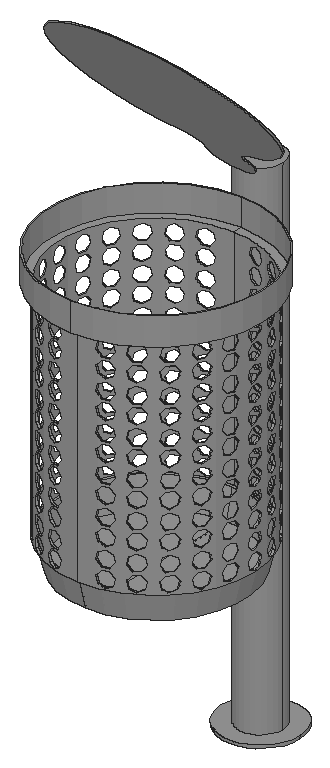
Revit family "Урна для раздельного сбора мусора «Флос» Арт 12769", category Антураж, Revit 2018 (continued)
Automatic sketch dimensions
  Extrusion 24 sketch curve to plane 6 = 473.101 mm
  level to Extrusion 24 sketch curve = 575.812 mm
  level to Extrusion 24 sketch curve = 503.783 mm
  Extrusion 24 sketch curve to Extrusion 24 sketch curve = 5 mm  (x2)
  Extrusion 25 sketch curve to plane 6 = 596.982 mm  (x2)
  level to Extrusion 25 sketch curve = 451.93 mm  (x2)
  Extrusion 25 sketch curve to Extrusion 25 sketch curve = 0 mm  (x28)
  Extrusion 25 sketch curve to plane 6 = 488.278 mm  (x2)
  Extrusion 25 sketch curve to plane 6 = 622.336 mm  (x2)
  level to Extrusion 25 sketch curve = 560.635 mm  (x2)
  Extrusion 25 sketch curve to plane 6 = 462.924 mm  (x2)
  level to Extrusion 25 sketch curve = 493.606 mm  (x2)
  Extrusion 25 sketch curve to plane 6 = 555.307 mm  (x2)
  level to Extrusion 25 sketch curve = 518.959 mm  (x2)
  level to Extrusion 25 sketch curve = 426.577 mm  (x2)
  Extrusion 25 sketch curve to plane 6 = 529.953 mm  (x2)
  level to Extrusion 25 sketch curve = 585.989 mm  (x2)
  level to Extrusion 25 sketch curve = 598.679 mm  (x2)
  Extrusion 25 sketch curve to Extrusion 25 sketch curve = 2.896 mm  (x15)
  Extrusion 25 sketch curve to plane 6 = 517.263 mm  (x2)
  level to Extrusion 25 sketch curve = 480.916 mm  (x2)
  Extrusion 25 sketch curve to plane 6 = 567.997 mm  (x2)
  level to Extrusion 25 sketch curve = 547.945 mm  (x2)
  Extrusion 25 sketch curve to plane 6 = 450.234 mm  (x2)
  level to Extrusion 25 sketch curve = 413.887 mm  (x2)
  level to Extrusion 25 sketch curve = 531.65 mm  (x2)
  level to Extrusion 25 sketch curve = 614.974 mm  (x2)
  level to Extrusion 25 sketch curve = 464.621 mm  (x2)
  Extrusion 25 sketch curve to plane 6 = 500.968 mm  (x2)
  Extrusion 25 sketch curve to plane 6 = 584.292 mm  (x2)
  Extrusion 25 sketch curve to Extrusion 25 sketch curve = 8.116 mm  (x15)
  level to Extrusion 25 sketch curve = 441.754 mm
  Extrusion 25 sketch curve to plane 6 = 540.13 mm
  level to Extrusion 25 sketch curve = 508.783 mm
  Extrusion 25 sketch curve to plane 6 = 612.159 mm
  level to Extrusion 25 sketch curve = 436.754 mm
  level to Extrusion 25 sketch curve = 408.239 mm
  Extrusion 25 sketch curve to Extrusion 25 sketch curve = 11.727 mm  (x19)
  Extrusion 25 sketch curve to plane 6 = 444.586 mm
  level to Extrusion 25 sketch curve = 609.326 mm
  Extrusion 25 sketch curve to plane 6 = 511.616 mm
  Extrusion 25 sketch curve to plane 6 = 573.645 mm
  level to Extrusion 25 sketch curve = 475.268 mm
  level to Extrusion 25 sketch curve = 537.297 mm
  level to Extrusion 25 sketch curve = 470.268 mm
  level to Extrusion 25 sketch curve = 604.326 mm
  level to Extrusion 25 sketch curve = 542.297 mm
  Extrusion 25 sketch curve to plane 6 = 506.616 mm
  Extrusion 25 sketch curve to plane 6 = 578.645 mm
  Extrusion 25 sketch curve to plane 6 = 545.13 mm
  Extrusion 25 sketch curve to Extrusion 25 sketch curve = 13.017 mm  (x6)
  level to Extrusion 25 sketch curve = 570.812 mm
  Extrusion 25 sketch curve to plane 6 = 473.101 mm
  level to Extrusion 25 sketch curve = 575.812 mm
  level to Extrusion 25 sketch curve = 503.783 mm
  Extrusion 25 sketch curve to Extrusion 25 sketch curve = 5 mm  (x2)
  Extrusion 26 sketch curve to plane 6 = 596.982 mm  (x2)
  level to Extrusion 26 sketch curve = 451.93 mm  (x2)
  Extrusion 26 sketch curve to Extrusion 26 sketch curve = 0 mm  (x28)
  Extrusion 26 sketch curve to plane 6 = 488.278 mm  (x2)
  Extrusion 26 sketch curve to plane 6 = 622.336 mm  (x2)
  level to Extrusion 26 sketch curve = 560.635 mm  (x2)
  Extrusion 26 sketch curve to plane 6 = 462.924 mm  (x2)
  level to Extrusion 26 sketch curve = 493.606 mm  (x2)
  Extrusion 26 sketch curve to plane 6 = 555.307 mm  (x2)
  level to Extrusion 26 sketch curve = 518.959 mm  (x2)
  level to Extrusion 26 sketch curve = 426.577 mm  (x2)
  Extrusion 26 sketch curve to plane 6 = 529.953 mm  (x2)
  level to Extrusion 26 sketch curve = 585.989 mm  (x2)
  level to Extrusion 26 sketch curve = 598.679 mm  (x2)
  Extrusion 26 sketch curve to Extrusion 26 sketch curve = 2.896 mm  (x14)
  Extrusion 26 sketch curve to plane 6 = 517.263 mm  (x2)
  level to Extrusion 26 sketch curve = 480.916 mm  (x2)
  Extrusion 26 sketch curve to plane 6 = 567.997 mm  (x2)
  level to Extrusion 26 sketch curve = 547.945 mm  (x2)
  Extrusion 26 sketch curve to plane 6 = 450.234 mm  (x2)
  level to Extrusion 26 sketch curve = 413.887 mm  (x2)
  level to Extrusion 26 sketch curve = 531.65 mm  (x2)
  level to Extrusion 26 sketch curve = 614.974 mm  (x2)
  level to Extrusion 26 sketch curve = 464.621 mm  (x2)
  Extrusion 26 sketch curve to plane 6 = 500.968 mm  (x2)
  Extrusion 26 sketch curve to plane 6 = 584.292 mm  (x2)
  Extrusion 26 sketch curve to Extrusion 26 sketch curve = 8.116 mm  (x16)
  level to Extrusion 26 sketch curve = 441.754 mm
  Extrusion 26 sketch curve to plane 6 = 540.13 mm
  level to Extrusion 26 sketch curve = 508.783 mm
  Extrusion 26 sketch curve to plane 6 = 612.159 mm
  level to Extrusion 26 sketch curve = 436.754 mm
  level to Extrusion 26 sketch curve = 408.239 mm
  Extrusion 26 sketch curve to Extrusion 26 sketch curve = 11.727 mm  (x19)
  Extrusion 26 sketch curve to plane 6 = 444.586 mm
  level to Extrusion 26 sketch curve = 609.326 mm
  Extrusion 26 sketch curve to plane 6 = 511.616 mm
  Extrusion 26 sketch curve to plane 6 = 573.645 mm
  level to Extrusion 26 sketch curve = 475.268 mm
  level to Extrusion 26 sketch curve = 537.297 mm
  level to Extrusion 26 sketch curve = 470.268 mm
  level to Extrusion 26 sketch curve = 604.326 mm
  level to Extrusion 26 sketch curve = 542.297 mm
  Extrusion 26 sketch curve to plane 6 = 506.616 mm
  Extrusion 26 sketch curve to plane 6 = 578.645 mm
  Extrusion 26 sketch curve to plane 6 = 545.13 mm
  Extrusion 26 sketch curve to Extrusion 26 sketch curve = 13.017 mm  (x6)
  level to Extrusion 26 sketch curve = 570.812 mm
  Extrusion 26 sketch curve to plane 6 = 473.101 mm
  level to Extrusion 26 sketch curve = 575.812 mm
  level to Extrusion 26 sketch curve = 503.783 mm
  Extrusion 26 sketch curve to Extrusion 26 sketch curve = 5 mm  (x2)
  Extrusion 27 sketch curve to plane 6 = 596.982 mm  (x2)
  level to Extrusion 27 sketch curve = 451.93 mm  (x2)
  Extrusion 27 sketch curve to Extrusion 27 sketch curve = 0 mm  (x28)
  Extrusion 27 sketch curve to plane 6 = 488.278 mm  (x2)
  Extrusion 27 sketch curve to plane 6 = 622.336 mm  (x2)
  level to Extrusion 27 sketch curve = 560.635 mm  (x2)
  Extrusion 27 sketch curve to plane 6 = 462.924 mm  (x2)
  level to Extrusion 27 sketch curve = 493.606 mm  (x2)
  Extrusion 27 sketch curve to plane 6 = 555.307 mm  (x2)
  level to Extrusion 27 sketch curve = 518.959 mm  (x2)
  level to Extrusion 27 sketch curve = 426.577 mm  (x2)
  Extrusion 27 sketch curve to plane 6 = 529.953 mm  (x2)
  level to Extrusion 27 sketch curve = 585.989 mm  (x2)
  level to Extrusion 27 sketch curve = 598.679 mm  (x2)
  Extrusion 27 sketch curve to Extrusion 27 sketch curve = 2.896 mm  (x14)
  Extrusion 27 sketch curve to plane 6 = 517.263 mm  (x2)
  level to Extrusion 27 sketch curve = 480.916 mm  (x2)
  Extrusion 27 sketch curve to plane 6 = 567.997 mm  (x2)
  level to Extrusion 27 sketch curve = 547.945 mm  (x2)
  Extrusion 27 sketch curve to plane 6 = 450.234 mm  (x2)
  level to Extrusion 27 sketch curve = 413.887 mm  (x2)
  level to Extrusion 27 sketch curve = 531.65 mm  (x2)
  level to Extrusion 27 sketch curve = 614.974 mm  (x2)
  level to Extrusion 27 sketch curve = 464.621 mm  (x2)
  Extrusion 27 sketch curve to plane 6 = 500.968 mm  (x2)
  Extrusion 27 sketch curve to plane 6 = 584.292 mm  (x2)
  Extrusion 27 sketch curve to Extrusion 27 sketch curve = 8.116 mm  (x16)
  level to Extrusion 27 sketch curve = 441.754 mm
  Extrusion 27 sketch curve to plane 6 = 540.13 mm
  level to Extrusion 27 sketch curve = 508.783 mm
  Extrusion 27 sketch curve to plane 6 = 612.159 mm
  level to Extrusion 27 sketch curve = 436.754 mm
  level to Extrusion 27 sketch curve = 408.239 mm
  Extrusion 27 sketch curve to Extrusion 27 sketch curve = 11.727 mm  (x19)
  Extrusion 27 sketch curve to plane 6 = 444.586 mm
  level to Extrusion 27 sketch curve = 609.326 mm
  Extrusion 27 sketch curve to plane 6 = 511.616 mm
  Extrusion 27 sketch curve to plane 6 = 573.645 mm
  level to Extrusion 27 sketch curve = 475.268 mm
  level to Extrusion 27 sketch curve = 537.297 mm
  level to Extrusion 27 sketch curve = 470.268 mm
  level to Extrusion 27 sketch curve = 604.326 mm
  level to Extrusion 27 sketch curve = 542.297 mm
  Extrusion 27 sketch curve to plane 6 = 506.616 mm
  Extrusion 27 sketch curve to plane 6 = 578.645 mm
  Extrusion 27 sketch curve to plane 6 = 545.13 mm
  Extrusion 27 sketch curve to Extrusion 27 sketch curve = 13.017 mm  (x6)
  level to Extrusion 27 sketch curve = 570.812 mm
  Extrusion 27 sketch curve to plane 6 = 473.101 mm
  level to Extrusion 27 sketch curve = 575.812 mm
  level to Extrusion 27 sketch curve = 503.783 mm
  Extrusion 27 sketch curve to Extrusion 27 sketch curve = 5 mm  (x2)
  radius of Extrusion 1 sketch curve = 70 mm
